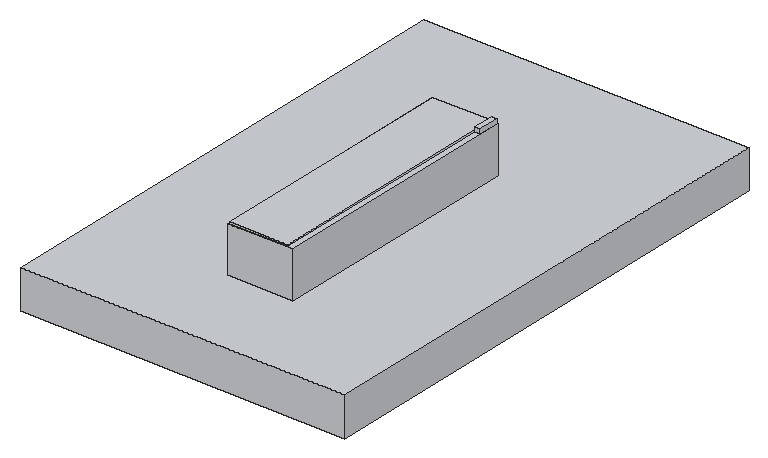
Revit family "M_Acionamento da combinação - Interruptores de desligamento", category Equipamento elétrico, Revit 2019
Family settings
  Hospedeiro = Face
  Cota do conector redondo = Utilizar diâmetro
  Tipo de parte = Quadro elétrico
  Número OmniClass = 23.80.30.11.17
  Título OmniClass = Distribution Boards and Control Panels
  ID de item do Seek = Combination Starter - Disconnect Switches-0000-CAN-ENU
  Corte com vazios quando carregada = Não
  Compartilhado = Não
  Ponto de cálculo do ambiente = Não
Parameters (values of type "480 V tamanho 5")
  Largura = 508 mm
  Voltagem do interruptor = 480 V
  Número de pólos = 3
  built-in parameter 1140079 [instance] = 3
  Classificação de carga = AVAC
  Altura = 1981.2 mm
  H = Altura - 6.35 mm  # 1974.85 mm
  G = 1816.1 mm
  built-in parameter 1140083 [instance] = "Tipo 1"
  Linear = 393.7 mm
  Elevação-padrão = 1200 mm
  D = Largura - 63.5 mm  # 444.5 mm
  built-in parameter 1140087 [instance] = 1
Types (15, lengths in mm): name | Largura | Voltagem do interruptor | Altura | H | G | Linear | D
  (no name) | 508 | 480 V | 1981.2 | 1974.85 | 1816.1 | 393.7 | 444.5
  208 V tamanho 0 | 241.3 | 208 V | 571.5 | 565.15 | 406.4 | 177.8 | 177.8
  208 V tamanho 1 | 241.3 | 208 V | 571.5 | 565.15 | 406.4 | 177.8 | 177.8
  208 V tamanho 2 | 266.7 | 208 V | 660.4 | 654.05 | 495.3 | 209.6 | 203.2
  208 V tamanho 3 | 387.4 | 208 V | 1066.8 | 1060.45 | 901.7 | 269.1 | 323.9
  208 V tamanho 4 | 406.4 | 208 V | 1333.5 | 1327.15 | 1168.4 | 266.7 | 342.9
  208 V tamanho 5 | 508 | 208 V | 1981.2 | 1974.85 | 1816.1 | 393.7 | 444.5
  208 V tamanho 6 | 914.4 | 208 V | 2286 | 2279.65 | 2120.9 | 533.4 | 850.9
  480 V tamanho 0 | 241.3 | 480 V | 571.5 | 565.15 | 406.4 | 177.8 | 177.8
  480 V tamanho 1 | 241.3 | 480 V | 571.5 | 565.15 | 406.4 | 177.8 | 177.8
  480 V tamanho 2 | 266.7 | 480 V | 660.4 | 654.05 | 495.3 | 209.6 | 203.2
  480 V tamanho 3 | 387.4 | 480 V | 1066.8 | 1060.45 | 901.7 | 269.1 | 323.9
  480 V tamanho 4 | 406.4 | 480 V | 1333.5 | 1327.15 | 1168.4 | 266.7 | 342.9
  480 V tamanho 5 | 508 | 480 V | 1981.2 | 1974.85 | 1816.1 | 393.7 | 444.5
  480 V tamanho 6 | 914.4 | 480 V | 2286 | 2279.65 | 2120.9 | 533.4 | 850.9
Reference planes
  plane 1 "Centro (Frente/Trás)": y = 0
  plane 2: z = 0
  plane 3 "Centro (Esquerda/Direita)": x = 0
  plane 4: x = -254
  plane 5: x = 254
  plane 6: y = -1981.2
  plane 7: x = -241.3
  plane 8: x = 203.2
  plane 9: x = 209.55
  plane 10: x = 247.65
  plane 11: y = -1974.85
  plane 12: y = -165.1
  plane 13: y = -6.35
  plane 14: z = 393.7
  plane 15: z = 359.569
  plane 16: z = 372.269
  plane 17: x = 355.6
  plane 18: z = 196.85
Forms (mm)
  Extrusion 1, solid
    sketch origin (0, 0, 0) x (1, 0, 0) y (0, 1, 0)
      loop
        line (-1294.49, 1219.2) -> (-1294.49, -2688.584) -> (1219.2, -2688.584) -> (1219.2, 1219.2) -> (-1294.49, 1219.2)
    from 0 to -304.8
  Extrusion 2, solid, detail levels fine
    sketch origin (0, 0, 0) x (1, 0, 0) y (0, 1, 0)
      loop
        line (-254, 0) -> (-254, -1981.2) -> (254, -1981.2) -> (254, 0) -> (-254, 0)
    from 0 to 359.569
  Extrusion 3, solid, detail levels fine
    sketch origin (0, 0, 0) x (1, 0, 0) y (0, 1, 0)
      loop
        line (-241.3, -6.35) -> (-241.3, -1974.85) -> (203.2, -1974.85) -> (203.2, -6.35) -> (-241.3, -6.35)
    from 359.569 to 372.269
  Extrusion 4, solid, detail levels fine
    sketch origin (0, 0, 0) x (1, 0, 0) y (0, 1, 0)
      loop
        line (209.55, -6.35) -> (209.55, -165.1) -> (247.65, -165.1) -> (247.65, -6.35) -> (209.55, -6.35)
    from 359.569 to 393.7
  Extrusion 5, solid, detail levels coarse+medium
    sketch origin (0, 0, 0) x (1, 0, 0) y (0, 1, 0)
      loop
        line (-254, 0) -> (-254, -1981.2) -> (254, -1981.2) -> (254, 0) -> (-254, 0)
    from 0 to 393.7
Lines and regions (mm)
  symbolic lines, detail levels coarse+medium
    curve 1: line (254, 0, 196.85) -> (355.6, 0, 196.85)
    curve 2: line (355.6, 0, 196.85) -> (355.6, 0, 393.7)
    curve 15: line (254, 0, 393.7) -> (-254, 0, 0)
    curve 16: line (-254, 0, 393.7) -> (254, 0, 0)
  symbolic lines
    curve 3: line (-254, 0, 0) -> (254, 0, 0)
    curve 4: line (-254, -1981.2, 0) -> (-254, 0, 0)
    curve 5: line (254, -1981.2, 0) -> (-254, -1981.2, 0)
    curve 6: line (254, 0, 0) -> (254, -1981.2, 0)
  symbolic lines, detail levels fine
    curve 7: line (-241.3, -6.35, 0) -> (203.2, -6.35, 0)
    curve 8: line (-241.3, -1974.85, 0) -> (-241.3, -6.35, 0)
    curve 9: line (203.2, -1974.85, 0) -> (-241.3, -1974.85, 0)
    curve 10: line (203.2, -6.35, 0) -> (203.2, -1974.85, 0)
    curve 11: line (209.55, -6.35, 0) -> (247.65, -6.35, 0)
    curve 12: line (209.55, -165.1, 0) -> (209.55, -6.35, 0)
    curve 13: line (247.65, -165.1, 0) -> (209.55, -165.1, 0)
    curve 14: line (247.65, -6.35, 0) -> (247.65, -165.1, 0)
Dimensions and locks
  equal spacing: plane 4, plane 3 "Centro (Esquerda/Direita)", plane 5
  "Largura": plane 4 to plane 5
  "Altura": plane 6 to plane 1 "Centro (Frente/Trás)"
  locked: plane 4 to plane 7 at 12.7
  "D": plane 7 to plane 8
  locked: plane 8 to plane 9 at 6.35
  locked: plane 9 to plane 10 at 38.1
  locked: plane 11 to plane 6 at 6.35
  "G": plane 12 to plane 6
  "H": plane 13 to plane 6
  "Linear": level to plane 14
  locked: plane 15 to plane 14 at 34.131
  locked: plane 15 to plane 16 at 12.7
  locked: plane 17 to plane 5 at 101.6
  equal spacing: level, plane 18, plane 14
  aligned and locked: plane 2 to Extrusion 1
  aligned and locked: level to Extrusion 1
  aligned and locked: plane 4 to Extrusion 2 sketch curve
  aligned and locked: plane 1 "Centro (Frente/Trás)" to Extrusion 2 sketch curve
  aligned and locked: plane 6 to Extrusion 2 sketch curve
  aligned and locked: Extrusion 2 sketch curve to plane 5
  aligned and locked: plane 7 to Extrusion 3 sketch curve
  aligned and locked: Extrusion 3 sketch curve to plane 13
  aligned and locked: plane 11 to Extrusion 3 sketch curve
  aligned and locked: Extrusion 3 sketch curve to plane 8
  aligned and locked: plane 9 to Extrusion 4 sketch curve
  aligned and locked: Extrusion 4 sketch curve to plane 13
  aligned and locked: plane 12 to Extrusion 4 sketch curve
  aligned and locked: Extrusion 4 sketch curve to plane 10
  aligned and locked: Extrusion 3 to plane 16
  aligned and locked: plane 14 to Extrusion 4
  aligned and locked: Extrusion 2 to plane 15
  aligned and locked: Extrusion 4 to Extrusion 2
  aligned and locked: Extrusion 3 to Extrusion 2
  aligned and locked: Extrusion 5 sketch curve to Extrusion 2  (x3)
  aligned and locked: Extrusion 2 to Extrusion 5 sketch curve
  aligned and locked: Extrusion 5 to plane 14
  aligned and locked: curve 2 to plane 17
  aligned and locked: curve 3 to Extrusion 2  (x2)
  aligned and locked: Extrusion 2 to curve 6
  aligned and locked: curve 6 to Extrusion 2
  aligned and locked: curve 7 to Extrusion 3  (x2)
  aligned and locked: Extrusion 3 to curve 10
  aligned and locked: curve 10 to Extrusion 3
  aligned and locked: Extrusion 4 to curve 11
  aligned and locked: curve 11 to Extrusion 4
  aligned and locked: Extrusion 4 to curve 14
  aligned and locked: curve 14 to Extrusion 4
  aligned and locked: curve 15 to Extrusion 5
  aligned and locked: curve 15 to Extrusion 2
  aligned and locked: Extrusion 5 to curve 16
  aligned and locked: Extrusion 2 to curve 16
Automatic sketch dimensions
  curve 16 to plane 4 = 0 mm
  curve 15 to plane 4 = 0 mm
  curve 16 to plane 5 = 0 mm
  curve 15 to plane 5 = 0 mm
  curve 1 to plane 5 = 0 mm
  curve 2 to plane 18 = 0 mm
  curve 2 to plane 14 = 0 mm
  Extrusion 1 sketch curve to Extrusion 1 sketch curve = 2513.69 mm
  Extrusion 1 sketch curve to Extrusion 1 sketch curve = 3907.784 mm
Connectors
  electrical at (0, 0, 196.85), driven by "Voltagem do interruptor", driven by "Número de pólos", driven by "Classificação de carga"
    settings: on Extrusion 5, index 1, voltage 480 V, apparent load 0 VA, apparent load phase1 0 VA, apparent load phase2 0 VA, apparent load phase3 0 VA, power factor 0.8, load classification "AVAC", number of poles 3, system type 31, power factor state 1, is connector primary yes, connector utility no, sub classification motor no, connector description ""
  cabletrayconduit at (0, 0, 179.784), diameter 600
    settings: on Extrusion 2, index 2, connector width 300 mm, connector height 300 mm, connector angle 0.00°, system type 32, placement type 1, profile type 0, connector reference index -1, is primary connector yes, connector utility param no, connector description ""
  cabletrayconduit at (-254, -990.6, 179.784), diameter 600
    settings: on Extrusion 2, index 3, connector width 300 mm, connector height 300 mm, connector angle 0.00°, system type 32, placement type 1, profile type 0, connector reference index -1, is primary connector no, connector utility param no, connector description ""
  cabletrayconduit at (254, -990.6, 179.784), diameter 600
    settings: on Extrusion 2, index 4, connector width 300 mm, connector height 300 mm, connector angle 0.00°, system type 32, placement type 1, profile type 0, connector reference index -1, is primary connector no, connector utility param no, connector description ""
  cabletrayconduit at (0, -990.6, 0), diameter 600
    settings: on Extrusion 2, index 5, connector width 300 mm, connector height 300 mm, connector angle 0.00°, system type 32, placement type 1, profile type 0, connector reference index -1, is primary connector no, connector utility param no, connector description ""
  cabletrayconduit at (0, -1981.2, 179.784), diameter 600
    settings: on Extrusion 2, index 6, connector width 300 mm, connector height 300 mm, connector angle 0.00°, system type 32, placement type 1, profile type 0, connector reference index -1, is primary connector no, connector utility param no, connector description ""
